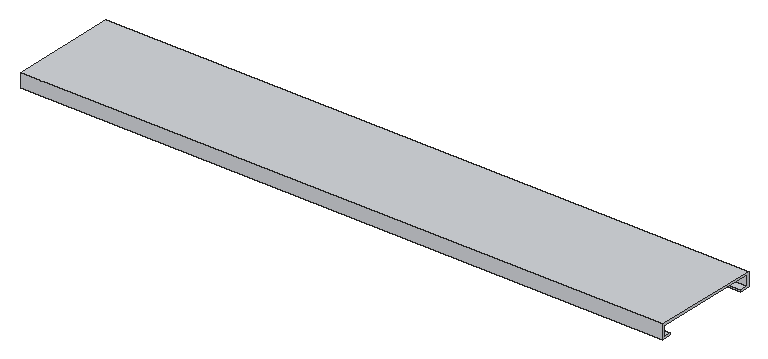
Revit family "GS Slotted Grate", category Plumbing Fixtures, Revit 2014
Parameters (values of type "GGS")
  Width = 6.00"
  Void Length = 37.00"
  URL = "www.siouxchief.com"
  Model = ".865-GGS"
  Manufacturer = "Sioux Chief Manufacturing"
  Length = 36.00"
  Description = "Galvanized Grate"
Reference planes (in)
  plane 1 "Center (Front/Back)": y = 0
  plane 2: z = 0
  plane 3 "Center (Left/Right)": x = 0
  plane 4: x = -18
  plane 5: x = 18
  plane 6: y = 3
  plane 7: y = -3
  plane 8: x = -18.5
  plane 9: x = 18.5
Forms (in)
  Extrusion 1, solid
    sketch origin (-18, 10.52407, 48) x (0, 1, 0) y (0, 0, 1)
      loop
        line (-7.52407, -48) -> (-7.52407, -47.23) -> (-13.52407, -47.23) -> (-13.52407, -48) -> (-7.52407, -48)
    from 0 to 36
  Extrusion 2, void
    sketch origin (-18, 10.52407, 48) x (0, -1, 0) y (0, 0, 1)
      loop
        line (7.62407, -47.33) -> (7.62407, -47.9) -> (8.02407, -47.9) -> (8.02407, -48) -> (13.02407, -48) -> (13.02407, -47.9) -> (13.42407, -47.9) -> (13.42407, -47.33) -> (7.62407, -47.33)
    from -36.5 to 0.5
Cuts and joins
  Extrusion 2 cuts Extrusion 1
Lines and regions (in)
  model lines
    curve 1: line (16.67215, 2.2775, 0.77) -> (16.67215, -2.2775, 0.77)
    curve 2: line (16.05215, 2.2775, 0.77) -> (16.05215, -2.2775, 0.77)
    curve 3: arc (16.05215, 2.2775, 0.77) -> (16.36215, 2.5875, 0.77) -> (16.67215, 2.2775, 0.77) r 0.31
    curve 4: arc (16.05215, -2.2775, 0.77) -> (16.36215, -2.5875, 0.77) -> (16.67215, -2.2775, 0.77) r 0.31
    curve 5: line (15.55215, 2.2775, 0.77) -> (15.55215, -2.2775, 0.77)
    curve 6: line (14.93215, 2.2775, 0.77) -> (14.93215, -2.2775, 0.77)
    curve 7: arc (14.93215, 2.2775, 0.77) -> (15.24215, 2.5875, 0.77) -> (15.55215, 2.2775, 0.77) r 0.31
    curve 8: arc (14.93215, -2.2775, 0.77) -> (15.24215, -2.5875, 0.77) -> (15.55215, -2.2775, 0.77) r 0.31
    curve 9: line (14.43215, 2.2775, 0.77) -> (14.43215, -2.2775, 0.77)
    curve 10: line (13.81215, 2.2775, 0.77) -> (13.81215, -2.2775, 0.77)
    curve 11: arc (13.81215, 2.2775, 0.77) -> (14.12215, 2.5875, 0.77) -> (14.43215, 2.2775, 0.77) r 0.31
    curve 12: arc (13.81215, -2.2775, 0.77) -> (14.12215, -2.5875, 0.77) -> (14.43215, -2.2775, 0.77) r 0.31
    curve 13: line (13.31215, 2.2775, 0.77) -> (13.31215, -2.2775, 0.77)
    curve 14: line (12.69215, 2.2775, 0.77) -> (12.69215, -2.2775, 0.77)
    curve 15: arc (12.69215, 2.2775, 0.77) -> (13.00215, 2.5875, 0.77) -> (13.31215, 2.2775, 0.77) r 0.31
    curve 16: arc (12.69215, -2.2775, 0.77) -> (13.00215, -2.5875, 0.77) -> (13.31215, -2.2775, 0.77) r 0.31
    curve 17: line (11.37215, 2.2775, 0.77) -> (11.37215, -2.2775, 0.77)
    curve 18: line (10.75215, 2.2775, 0.77) -> (10.75215, -2.2775, 0.77)
    curve 19: arc (10.75215, 2.2775, 0.77) -> (11.06215, 2.5875, 0.77) -> (11.37215, 2.2775, 0.77) r 0.31
    curve 20: arc (10.75215, -2.2775, 0.77) -> (11.06215, -2.5875, 0.77) -> (11.37215, -2.2775, 0.77) r 0.31
    curve 21: line (10.25215, 2.2775, 0.77) -> (10.25215, -2.2775, 0.77)
    curve 22: line (9.63215, 2.2775, 0.77) -> (9.63215, -2.2775, 0.77)
    curve 23: arc (9.63215, 2.2775, 0.77) -> (9.94215, 2.5875, 0.77) -> (10.25215, 2.2775, 0.77) r 0.31
    curve 24: arc (9.63215, -2.2775, 0.77) -> (9.94215, -2.5875, 0.77) -> (10.25215, -2.2775, 0.77) r 0.31
    curve 25: line (9.13215, 2.2775, 0.77) -> (9.13215, -2.2775, 0.77)
    curve 26: line (8.51215, 2.2775, 0.77) -> (8.51215, -2.2775, 0.77)
    curve 27: arc (8.51215, 2.2775, 0.77) -> (8.82215, 2.5875, 0.77) -> (9.13215, 2.2775, 0.77) r 0.31
    curve 28: arc (8.51215, -2.2775, 0.77) -> (8.82215, -2.5875, 0.77) -> (9.13215, -2.2775, 0.77) r 0.31
    curve 29: line (8.01215, 2.2775, 0.77) -> (8.01215, -2.2775, 0.77)
    curve 30: line (7.39215, 2.2775, 0.77) -> (7.39215, -2.2775, 0.77)
    curve 31: arc (7.39215, 2.2775, 0.77) -> (7.70215, 2.5875, 0.77) -> (8.01215, 2.2775, 0.77) r 0.31
    curve 32: arc (7.39215, -2.2775, 0.77) -> (7.70215, -2.5875, 0.77) -> (8.01215, -2.2775, 0.77) r 0.31
    curve 33: line (6.89215, 2.2775, 0.77) -> (6.89215, -2.2775, 0.77)
    curve 34: line (6.27215, 2.2775, 0.77) -> (6.27215, -2.2775, 0.77)
    curve 35: arc (6.27215, 2.2775, 0.77) -> (6.58215, 2.5875, 0.77) -> (6.89215, 2.2775, 0.77) r 0.31
    curve 36: arc (6.27215, -2.2775, 0.77) -> (6.58215, -2.5875, 0.77) -> (6.89215, -2.2775, 0.77) r 0.31
    curve 37: line (5.77215, 2.2775, 0.77) -> (5.77215, -2.2775, 0.77)
    curve 38: line (5.15215, 2.2775, 0.77) -> (5.15215, -2.2775, 0.77)
    curve 39: arc (5.15215, 2.2775, 0.77) -> (5.46215, 2.5875, 0.77) -> (5.77215, 2.2775, 0.77) r 0.31
    curve 40: arc (5.15215, -2.2775, 0.77) -> (5.46215, -2.5875, 0.77) -> (5.77215, -2.2775, 0.77) r 0.31
    curve 41: line (4.65215, 2.2775, 0.77) -> (4.65215, -2.2775, 0.77)
    curve 42: line (4.03215, 2.2775, 0.77) -> (4.03215, -2.2775, 0.77)
    curve 43: arc (4.03215, 2.2775, 0.77) -> (4.34215, 2.5875, 0.77) -> (4.65215, 2.2775, 0.77) r 0.31
    curve 44: arc (4.03215, -2.2775, 0.77) -> (4.34215, -2.5875, 0.77) -> (4.65215, -2.2775, 0.77) r 0.31
    curve 45: line (3.53215, 2.2775, 0.77) -> (3.53215, -2.2775, 0.77)
    curve 46: line (2.91215, 2.2775, 0.77) -> (2.91215, -2.2775, 0.77)
    curve 47: arc (2.91215, 2.2775, 0.77) -> (3.22215, 2.5875, 0.77) -> (3.53215, 2.2775, 0.77) r 0.31
    curve 48: arc (2.91215, -2.2775, 0.77) -> (3.22215, -2.5875, 0.77) -> (3.53215, -2.2775, 0.77) r 0.31
    curve 49: line (2.41215, 2.2775, 0.77) -> (2.41215, -2.2775, 0.77)
    curve 50: line (1.79215, 2.2775, 0.77) -> (1.79215, -2.2775, 0.77)
    curve 51: arc (1.79215, 2.2775, 0.77) -> (2.10215, 2.5875, 0.77) -> (2.41215, 2.2775, 0.77) r 0.31
    curve 52: arc (1.79215, -2.2775, 0.77) -> (2.10215, -2.5875, 0.77) -> (2.41215, -2.2775, 0.77) r 0.31
    curve 53: line (1.29215, 2.2775, 0.77) -> (1.29215, -2.2775, 0.77)
    curve 54: line (0.67215, 2.2775, 0.77) -> (0.67215, -2.2775, 0.77)
    curve 55: arc (0.67215, 2.2775, 0.77) -> (0.98215, 2.5875, 0.77) -> (1.29215, 2.2775, 0.77) r 0.31
    curve 56: arc (0.67215, -2.2775, 0.77) -> (0.98215, -2.5875, 0.77) -> (1.29215, -2.2775, 0.77) r 0.31
    curve 57: line (-16.67215, 2.2775, 0.77) -> (-16.67215, -2.2775, 0.77)
    curve 58: line (-16.05215, 2.2775, 0.77) -> (-16.05215, -2.2775, 0.77)
    curve 59: arc (-16.05215, 2.2775, 0.77) -> (-16.36215, 2.5875, 0.77) -> (-16.67215, 2.2775, 0.77) r 0.31
    curve 60: arc (-16.05215, -2.2775, 0.77) -> (-16.36215, -2.5875, 0.77) -> (-16.67215, -2.2775, 0.77) r 0.31
    curve 61: line (-15.55215, 2.2775, 0.77) -> (-15.55215, -2.2775, 0.77)
    curve 62: line (-14.93215, 2.2775, 0.77) -> (-14.93215, -2.2775, 0.77)
    curve 63: arc (-14.93215, 2.2775, 0.77) -> (-15.24215, 2.5875, 0.77) -> (-15.55215, 2.2775, 0.77) r 0.31
    curve 64: arc (-14.93215, -2.2775, 0.77) -> (-15.24215, -2.5875, 0.77) -> (-15.55215, -2.2775, 0.77) r 0.31
    curve 65: line (-14.43215, 2.2775, 0.77) -> (-14.43215, -2.2775, 0.77)
    curve 66: line (-13.81215, 2.2775, 0.77) -> (-13.81215, -2.2775, 0.77)
    curve 67: arc (-13.81215, 2.2775, 0.77) -> (-14.12215, 2.5875, 0.77) -> (-14.43215, 2.2775, 0.77) r 0.31
    curve 68: arc (-13.81215, -2.2775, 0.77) -> (-14.12215, -2.5875, 0.77) -> (-14.43215, -2.2775, 0.77) r 0.31
    curve 69: line (-13.31215, 2.2775, 0.77) -> (-13.31215, -2.2775, 0.77)
    curve 70: line (-12.69215, 2.2775, 0.77) -> (-12.69215, -2.2775, 0.77)
    curve 71: arc (-12.69215, 2.2775, 0.77) -> (-13.00215, 2.5875, 0.77) -> (-13.31215, 2.2775, 0.77) r 0.31
    curve 72: arc (-12.69215, -2.2775, 0.77) -> (-13.00215, -2.5875, 0.77) -> (-13.31215, -2.2775, 0.77) r 0.31
    curve 73: line (-11.37215, 2.2775, 0.77) -> (-11.37215, -2.2775, 0.77)
    curve 74: line (-10.75215, 2.2775, 0.77) -> (-10.75215, -2.2775, 0.77)
    curve 75: arc (-10.75215, 2.2775, 0.77) -> (-11.06215, 2.5875, 0.77) -> (-11.37215, 2.2775, 0.77) r 0.31
    curve 76: arc (-10.75215, -2.2775, 0.77) -> (-11.06215, -2.5875, 0.77) -> (-11.37215, -2.2775, 0.77) r 0.31
    curve 77: line (-10.25215, 2.2775, 0.77) -> (-10.25215, -2.2775, 0.77)
    curve 78: line (-9.63215, 2.2775, 0.77) -> (-9.63215, -2.2775, 0.77)
    curve 79: arc (-9.63215, 2.2775, 0.77) -> (-9.94215, 2.5875, 0.77) -> (-10.25215, 2.2775, 0.77) r 0.31
    curve 80: arc (-9.63215, -2.2775, 0.77) -> (-9.94215, -2.5875, 0.77) -> (-10.25215, -2.2775, 0.77) r 0.31
    curve 81: line (-9.13215, 2.2775, 0.77) -> (-9.13215, -2.2775, 0.77)
    curve 82: line (-8.51215, 2.2775, 0.77) -> (-8.51215, -2.2775, 0.77)
    curve 83: arc (-8.51215, 2.2775, 0.77) -> (-8.82215, 2.5875, 0.77) -> (-9.13215, 2.2775, 0.77) r 0.31
    curve 84: arc (-8.51215, -2.2775, 0.77) -> (-8.82215, -2.5875, 0.77) -> (-9.13215, -2.2775, 0.77) r 0.31
    curve 85: line (-8.01215, 2.2775, 0.77) -> (-8.01215, -2.2775, 0.77)
    curve 86: line (-7.39215, 2.2775, 0.77) -> (-7.39215, -2.2775, 0.77)
    curve 87: arc (-7.39215, 2.2775, 0.77) -> (-7.70215, 2.5875, 0.77) -> (-8.01215, 2.2775, 0.77) r 0.31
    curve 88: arc (-7.39215, -2.2775, 0.77) -> (-7.70215, -2.5875, 0.77) -> (-8.01215, -2.2775, 0.77) r 0.31
    curve 89: line (-6.89215, 2.2775, 0.77) -> (-6.89215, -2.2775, 0.77)
    curve 90: line (-6.27215, 2.2775, 0.77) -> (-6.27215, -2.2775, 0.77)
    curve 91: arc (-6.27215, 2.2775, 0.77) -> (-6.58215, 2.5875, 0.77) -> (-6.89215, 2.2775, 0.77) r 0.31
    curve 92: arc (-6.27215, -2.2775, 0.77) -> (-6.58215, -2.5875, 0.77) -> (-6.89215, -2.2775, 0.77) r 0.31
    curve 93: line (-5.77215, 2.2775, 0.77) -> (-5.77215, -2.2775, 0.77)
    curve 94: line (-5.15215, 2.2775, 0.77) -> (-5.15215, -2.2775, 0.77)
    curve 95: arc (-5.15215, 2.2775, 0.77) -> (-5.46215, 2.5875, 0.77) -> (-5.77215, 2.2775, 0.77) r 0.31
    curve 96: arc (-5.15215, -2.2775, 0.77) -> (-5.46215, -2.5875, 0.77) -> (-5.77215, -2.2775, 0.77) r 0.31
    curve 97: line (-4.65215, 2.2775, 0.77) -> (-4.65215, -2.2775, 0.77)
    curve 98: line (-4.03215, 2.2775, 0.77) -> (-4.03215, -2.2775, 0.77)
    curve 99: arc (-4.03215, 2.2775, 0.77) -> (-4.34215, 2.5875, 0.77) -> (-4.65215, 2.2775, 0.77) r 0.31
    curve 100: arc (-4.03215, -2.2775, 0.77) -> (-4.34215, -2.5875, 0.77) -> (-4.65215, -2.2775, 0.77) r 0.31
    curve 101: line (-3.53215, 2.2775, 0.77) -> (-3.53215, -2.2775, 0.77)
    curve 102: line (-2.91215, 2.2775, 0.77) -> (-2.91215, -2.2775, 0.77)
    curve 103: arc (-2.91215, 2.2775, 0.77) -> (-3.22215, 2.5875, 0.77) -> (-3.53215, 2.2775, 0.77) r 0.31
    curve 104: arc (-2.91215, -2.2775, 0.77) -> (-3.22215, -2.5875, 0.77) -> (-3.53215, -2.2775, 0.77) r 0.31
    curve 105: line (-2.41215, 2.2775, 0.77) -> (-2.41215, -2.2775, 0.77)
    curve 106: line (-1.79215, 2.2775, 0.77) -> (-1.79215, -2.2775, 0.77)
    curve 107: arc (-1.79215, 2.2775, 0.77) -> (-2.10215, 2.5875, 0.77) -> (-2.41215, 2.2775, 0.77) r 0.31
    curve 108: arc (-1.79215, -2.2775, 0.77) -> (-2.10215, -2.5875, 0.77) -> (-2.41215, -2.2775, 0.77) r 0.31
    curve 109: line (-1.29215, 2.2775, 0.77) -> (-1.29215, -2.2775, 0.77)
    curve 110: line (-0.67215, 2.2775, 0.77) -> (-0.67215, -2.2775, 0.77)
    curve 111: arc (-0.67215, 2.2775, 0.77) -> (-0.98215, 2.5875, 0.77) -> (-1.29215, 2.2775, 0.77) r 0.31
    curve 112: arc (-0.67215, -2.2775, 0.77) -> (-0.98215, -2.5875, 0.77) -> (-1.29215, -2.2775, 0.77) r 0.31
    curve 113: circle (-15.80215, 2.625, 0.77) r 0.1 normal (0, 0, 1)
    curve 114: circle (-15.80215, -2.625, 0.77) r 0.1 normal (0, 0, -1)
    curve 115: circle (-14.68215, 2.625, 0.77) r 0.1 normal (0, 0, 1)
    curve 116: circle (-14.68215, -2.625, 0.77) r 0.1 normal (0, 0, -1)
    curve 117: circle (-13.56215, 2.625, 0.77) r 0.1 normal (0, 0, 1)
    curve 118: circle (-13.56215, -2.625, 0.77) r 0.1 normal (0, 0, -1)
    curve 119: circle (-10.50215, 2.625, 0.77) r 0.1 normal (0, 0, 1)
    curve 120: circle (-10.50215, -2.625, 0.77) r 0.1 normal (0, 0, -1)
    curve 121: circle (-9.38215, 2.625, 0.77) r 0.1 normal (0, 0, 1)
    curve 122: circle (-9.38215, -2.625, 0.77) r 0.1 normal (0, 0, -1)
    curve 123: circle (-8.26215, 2.625, 0.77) r 0.1 normal (0, 0, 1)
    curve 124: circle (-8.26215, -2.625, 0.77) r 0.1 normal (0, 0, -1)
    curve 125: circle (-7.14215, 2.625, 0.77) r 0.1 normal (0, 0, 1)
    curve 126: circle (-7.14215, -2.625, 0.77) r 0.1 normal (0, 0, -1)
    curve 127: circle (-6.02215, 2.625, 0.77) r 0.1 normal (0, 0, 1)
    curve 128: circle (-6.02215, -2.625, 0.77) r 0.1 normal (0, 0, -1)
    curve 129: circle (-4.90215, 2.625, 0.77) r 0.1 normal (0, 0, 1)
    curve 130: circle (-4.90215, -2.625, 0.77) r 0.1 normal (0, 0, -1)
    curve 131: circle (-3.78215, 2.625, 0.77) r 0.1 normal (0, 0, 1)
    curve 132: circle (-3.78215, -2.625, 0.77) r 0.1 normal (0, 0, -1)
    curve 133: circle (-2.66215, 2.625, 0.77) r 0.1 normal (0, 0, 1)
    curve 134: circle (-2.66215, -2.625, 0.77) r 0.1 normal (0, 0, -1)
    curve 135: circle (-1.54215, 2.625, 0.77) r 0.1 normal (0, 0, 1)
    curve 136: circle (-1.54215, -2.625, 0.77) r 0.1 normal (0, 0, -1)
    curve 137: circle (1.54215, 2.625, 0.77) r 0.1 normal (0, 0, 1)
    curve 138: circle (1.54215, -2.625, 0.77) r 0.1 normal (0, 0, -1)
    curve 139: circle (2.66215, 2.625, 0.77) r 0.1 normal (0, 0, 1)
    curve 140: circle (2.66215, -2.625, 0.77) r 0.1 normal (0, 0, -1)
    curve 141: circle (3.78215, 2.625, 0.77) r 0.1 normal (0, 0, 1)
    curve 142: circle (3.78215, -2.625, 0.77) r 0.1 normal (0, 0, -1)
    curve 143: circle (4.90215, 2.625, 0.77) r 0.1 normal (0, 0, 1)
    curve 144: circle (4.90215, -2.625, 0.77) r 0.1 normal (0, 0, -1)
    curve 145: circle (6.02215, 2.625, 0.77) r 0.1 normal (0, 0, 1)
    curve 146: circle (6.02215, -2.625, 0.77) r 0.1 normal (0, 0, -1)
    curve 147: circle (7.14215, 2.625, 0.77) r 0.1 normal (0, 0, 1)
    curve 148: circle (7.14215, -2.625, 0.77) r 0.1 normal (0, 0, -1)
    curve 149: circle (8.26215, 2.625, 0.77) r 0.1 normal (0, 0, 1)
    curve 150: circle (8.26215, -2.625, 0.77) r 0.1 normal (0, 0, -1)
    curve 151: circle (9.38215, 2.625, 0.77) r 0.1 normal (0, 0, 1)
    curve 152: circle (9.38215, -2.625, 0.77) r 0.1 normal (0, 0, -1)
    curve 153: circle (10.50215, 2.625, 0.77) r 0.1 normal (0, 0, 1)
    curve 154: circle (10.50215, -2.625, 0.77) r 0.1 normal (0, 0, -1)
    curve 155: circle (13.56215, 2.625, 0.77) r 0.1 normal (0, 0, 1)
    curve 156: circle (13.56215, -2.625, 0.77) r 0.1 normal (0, 0, -1)
    curve 157: circle (14.68215, 2.625, 0.77) r 0.1 normal (0, 0, 1)
    curve 158: circle (14.68215, -2.625, 0.77) r 0.1 normal (0, 0, -1)
    curve 159: circle (15.80215, 2.625, 0.77) r 0.1 normal (0, 0, 1)
    curve 160: circle (15.80215, -2.625, 0.77) r 0.1 normal (0, 0, -1)
    curve 161: circle (-12.03215, 2.625, 0.77) r 0.1 normal (0, 0, 1)
    curve 162: circle (-12.03215, -2.625, 0.77) r 0.1 normal (0, 0, -1)
    curve 163: circle (-0.01215, 2.625, 0.77) r 0.1 normal (0, 0, 1)
    curve 164: circle (-0.01215, -2.625, 0.77) r 0.1 normal (0, 0, -1)
    curve 165: circle (12.03215, 2.625, 0.77) r 0.1 normal (0, 0, 1)
    curve 166: circle (12.03215, -2.625, 0.77) r 0.1 normal (0, 0, -1)
    curve 167: circle (17.33215, 2.625, 0.77) r 0.1 normal (0, 0, 1)
    curve 168: circle (17.33215, -2.625, 0.77) r 0.1 normal (0, 0, -1)
    curve 169: circle (-15.80215, 0, 0.77) r 0.1 normal (0, 0, -1)
    curve 170: circle (-14.68215, 0, 0.77) r 0.1 normal (0, 0, -1)
    curve 171: circle (-13.56215, 0, 0.77) r 0.1 normal (0, 0, -1)
    curve 172: circle (-10.50215, 0, 0.77) r 0.1 normal (0, 0, -1)
    curve 173: circle (-9.38215, 0, 0.77) r 0.1 normal (0, 0, -1)
    curve 174: circle (-8.26215, 0, 0.77) r 0.1 normal (0, 0, -1)
    curve 175: circle (-7.14215, 0, 0.77) r 0.1 normal (0, 0, -1)
    curve 176: circle (-6.02215, 0, 0.77) r 0.1 normal (0, 0, -1)
    curve 177: circle (-4.90215, 0, 0.77) r 0.1 normal (0, 0, -1)
    curve 178: circle (-3.78215, 0, 0.77) r 0.1 normal (0, 0, -1)
    curve 179: circle (-2.66215, 0, 0.77) r 0.1 normal (0, 0, -1)
    curve 180: circle (-1.54215, 0, 0.77) r 0.1 normal (0, 0, -1)
    curve 181: circle (1.54215, 0, 0.77) r 0.1 normal (0, 0, -1)
    curve 182: circle (2.66215, 0, 0.77) r 0.1 normal (0, 0, -1)
    curve 183: circle (3.78215, 0, 0.77) r 0.1 normal (0, 0, -1)
    curve 184: circle (4.90215, 0, 0.77) r 0.1 normal (0, 0, -1)
    curve 185: circle (6.02215, 0, 0.77) r 0.1 normal (0, 0, -1)
    curve 186: circle (7.14215, 0, 0.77) r 0.1 normal (0, 0, -1)
    curve 187: circle (8.26215, 0, 0.77) r 0.1 normal (0, 0, -1)
    curve 188: circle (9.38215, 0, 0.77) r 0.1 normal (0, 0, -1)
    curve 189: circle (10.50215, 0, 0.77) r 0.1 normal (0, 0, -1)
    curve 190: circle (13.56215, 0, 0.77) r 0.1 normal (0, 0, -1)
    curve 191: circle (14.68215, 0, 0.77) r 0.1 normal (0, 0, -1)
    curve 192: circle (15.80215, 0, 0.77) r 0.1 normal (0, 0, -1)
    curve 193: circle (-12.03215, 0, 0.77) r 0.3 normal (0, 0, -1)
    curve 194: circle (-0.01215, 0, 0.77) r 0.3 normal (0, 0, -1)
    curve 195: circle (12.03215, 0, 0.77) r 0.3 normal (0, 0, -1)
    curve 196: circle (17.33215, 0, 0.77) r 0.1 normal (0, 0, -1)
Dimensions and locks (in)
  equal spacing: plane 4, plane 3 "Center (Left/Right)", plane 5
  "Length": plane 4 to plane 5
  equal spacing: plane 6, plane 1 "Center (Front/Back)", plane 7
  "Width": plane 6 to plane 7
  "Void Length": plane 8 to plane 9
  locked: plane 8 to plane 3 "Center (Left/Right)" at 18.5
  aligned and locked: plane 2 to level
  aligned and locked: Extrusion 1 to plane 4
  aligned and locked: Extrusion 1 to plane 5
  aligned and locked: plane 9 to Extrusion 2
  aligned and locked: Extrusion 2 to plane 8
Automatic sketch dimensions
  curve 139 to Extrusion 1 = 0.375"
  curve 167 to Extrusion 1 = 0.375"
  curve 115 to Extrusion 1 = 0.375"
  curve 165 to Extrusion 1 = 0.375"
  curve 117 to Extrusion 1 = 0.375"
  curve 119 to Extrusion 1 = 0.375"
  curve 121 to Extrusion 1 = 0.375"
  curve 163 to Extrusion 1 = 0.375"
  curve 161 to Extrusion 1 = 0.375"
  curve 159 to Extrusion 1 = 0.375"
  curve 123 to Extrusion 1 = 0.375"
  curve 157 to Extrusion 1 = 0.375"
  curve 125 to Extrusion 1 = 0.375"
  curve 155 to Extrusion 1 = 0.375"
  curve 127 to Extrusion 1 = 0.375"
  curve 129 to Extrusion 1 = 0.375"
  curve 131 to Extrusion 1 = 0.375"
  curve 153 to Extrusion 1 = 0.375"
  curve 151 to Extrusion 1 = 0.375"
  curve 149 to Extrusion 1 = 0.375"
  curve 133 to Extrusion 1 = 0.375"
  curve 147 to Extrusion 1 = 0.375"
  curve 135 to Extrusion 1 = 0.375"
  curve 145 to Extrusion 1 = 0.375"
  curve 137 to Extrusion 1 = 0.375"
  curve 113 to Extrusion 1 = 0.375"
  curve 141 to Extrusion 1 = 0.375"
  curve 143 to Extrusion 1 = 0.375"
  curve 155 to curve 13 = 0.3475"
  curve 157 to curve 11 = 0.3475"
  curve 17 to Extrusion 1 = 0.7225"
  curve 159 to curve 7 = 0.3475"
  curve 153 to curve 21 = 0.3475"
  curve 159 to curve 3 = 0.3475"
  curve 151 to curve 25 = 0.3475"
  curve 135 to curve 111 = 0.3475"
  curve 149 to curve 29 = 0.3475"
  curve 135 to curve 107 = 0.3475"
  curve 147 to curve 33 = 0.3475"
  curve 133 to curve 103 = 0.3475"
  curve 145 to curve 37 = 0.3475"
  curve 131 to curve 99 = 0.3475"
  curve 143 to curve 41 = 0.3475"
  curve 129 to curve 95 = 0.3475"
  curve 141 to curve 45 = 0.3475"
  curve 127 to curve 91 = 0.3475"
  curve 139 to curve 49 = 0.3475"
  curve 125 to curve 87 = 0.3475"
  curve 137 to curve 53 = 0.3475"
  curve 123 to curve 83 = 0.3475"
  curve 57 to Extrusion 1 = 0.7225"  (x2)
  curve 121 to curve 79 = 0.3475"
  curve 113 to curve 61 = 0.3475"
  curve 119 to curve 75 = 0.3475"
  curve 115 to curve 65 = 0.3475"
  curve 117 to curve 71 = 0.3475"
  Extrusion 1 to curve 196 = 0.66785"
  curve 1 to curve 196 = 2.2775"
  curve 62 to curve 170 = 2.2775"
  curve 170 to curve 171 = 0.00"
  curve 74 to curve 172 = 2.2775"
  curve 172 to curve 173 = 0.00"
  curve 173 to curve 174 = 0.00"
  curve 174 to curve 175 = 0.00"
  curve 175 to curve 176 = 0.00"
  curve 176 to curve 177 = 0.00"
  curve 177 to curve 178 = 0.00"
  curve 178 to curve 179 = 0.00"
  curve 179 to curve 180 = 0.00"
  curve 51 to curve 181 = 2.2775"
  curve 181 to curve 182 = 0.00"
  curve 182 to curve 183 = 0.00"
  curve 183 to curve 184 = 0.00"
  curve 184 to curve 185 = 0.00"
  curve 185 to curve 186 = 0.00"
  curve 186 to curve 187 = 0.00"
  curve 187 to curve 188 = 0.00"
  curve 188 to curve 189 = 0.00"
  curve 15 to curve 190 = 2.2775"
  curve 190 to curve 191 = 0.00"
  curve 191 to curve 192 = 0.00"
  curve 193 to curve 172 = 0.00"
  curve 180 to curve 194 = 0.00"
  curve 189 to curve 195 = 0.00"
  curve 169 to curve 170 = 0.00"
  curve 80 to Extrusion 1 = 0.7225"
  curve 56 to Extrusion 1 = 0.7225"
  curve 80 to curve 81 = 0.00"
  curve 52 to Extrusion 1 = 0.7225"
  curve 84 to curve 85 = 0.00"
  curve 48 to Extrusion 1 = 0.7225"
  curve 88 to curve 89 = 0.00"
  curve 44 to Extrusion 1 = 0.7225"
  curve 92 to curve 93 = 0.00"
  curve 40 to Extrusion 1 = 0.7225"
  curve 96 to curve 97 = 0.00"
  curve 36 to Extrusion 1 = 0.7225"
  curve 102 to Extrusion 1 = 0.7225"
  curve 32 to Extrusion 1 = 0.7225"
  curve 104 to curve 105 = 0.00"
  curve 28 to Extrusion 1 = 0.7225"
  curve 108 to curve 109 = 0.00"
  curve 24 to Extrusion 1 = 0.7225"
  curve 20 to Extrusion 1 = 0.7225"
  curve 76 to Extrusion 1 = 0.7225"
  curve 16 to Extrusion 1 = 0.7225"
  curve 60 to curve 61 = 0.00"
  curve 12 to Extrusion 1 = 0.7225"
  curve 72 to Extrusion 1 = 0.7225"
  curve 8 to Extrusion 1 = 0.7225"
  curve 64 to curve 65 = 0.00"
  curve 4 to Extrusion 1 = 0.7225"
  curve 166 to Extrusion 1 = 0.375"
  curve 164 to Extrusion 1 = 0.375"
  curve 162 to Extrusion 1 = 0.375"
  curve 160 to Extrusion 1 = 0.375"
  curve 158 to Extrusion 1 = 0.375"
  curve 156 to Extrusion 1 = 0.375"
  curve 154 to Extrusion 1 = 0.375"
  curve 152 to Extrusion 1 = 0.375"
  curve 150 to Extrusion 1 = 0.375"
  curve 148 to Extrusion 1 = 0.375"
  curve 146 to Extrusion 1 = 0.375"
  curve 144 to Extrusion 1 = 0.375"
  curve 142 to Extrusion 1 = 0.375"
  curve 140 to Extrusion 1 = 0.375"
  curve 138 to Extrusion 1 = 0.375"
  curve 136 to Extrusion 1 = 0.375"
  curve 134 to Extrusion 1 = 0.375"
  curve 132 to Extrusion 1 = 0.375"
  curve 130 to Extrusion 1 = 0.375"
  curve 128 to Extrusion 1 = 0.375"
  curve 126 to Extrusion 1 = 0.375"
  curve 124 to Extrusion 1 = 0.375"
  curve 122 to Extrusion 1 = 0.375"
  curve 120 to Extrusion 1 = 0.375"
  curve 118 to Extrusion 1 = 0.375"
  curve 116 to Extrusion 1 = 0.375"
  curve 114 to Extrusion 1 = 0.375"
  curve 168 to Extrusion 1 = 0.375"
  Extrusion 1 to curve 167 = 0.66785"
  curve 1 to curve 167 = 0.66"
  curve 4 to curve 4 = 0.31"
  curve 160 to curve 4 = 0.25"
  curve 159 to curve 3 = 0.25"
  curve 192 to curve 196 = 1.53"
  curve 5 to curve 160 = 0.25"
  curve 7 to curve 5 = 0.31"
  curve 157 to curve 7 = 0.25"
  curve 158 to curve 8 = 0.25"
  curve 191 to curve 192 = 1.12"
  curve 9 to curve 158 = 0.25"
  curve 12 to curve 12 = 0.31"
  curve 190 to curve 191 = 1.12"
  curve 156 to curve 12 = 0.25"
  curve 155 to curve 11 = 0.25"
  curve 13 to curve 156 = 0.25"
  curve 15 to curve 13 = 0.31"
  curve 195 to curve 190 = 1.53"
  curve 165 to curve 14 = 0.66"
  curve 166 to curve 16 = 0.66"
  curve 17 to curve 165 = 0.66"
  curve 19 to curve 17 = 0.31"
  curve 189 to curve 195 = 1.53"
  curve 154 to curve 20 = 0.25"
  curve 153 to curve 18 = 0.25"
  curve 21 to curve 154 = 0.25"
  curve 24 to curve 24 = 0.31"
  curve 188 to curve 189 = 1.12"
  curve 152 to curve 24 = 0.25"
  curve 151 to curve 22 = 0.25"
  curve 25 to curve 152 = 0.25"
  curve 28 to curve 28 = 0.31"
  curve 149 to curve 26 = 0.25"
  curve 187 to curve 188 = 1.12"
  curve 150 to curve 28 = 0.25"
  curve 29 to curve 149 = 0.25"
  curve 31 to curve 29 = 0.31"
  curve 147 to curve 30 = 0.25"
  curve 186 to curve 187 = 1.12"
  curve 148 to curve 32 = 0.25"
  curve 33 to curve 147 = 0.25"
  curve 36 to curve 36 = 0.31"
  curve 145 to curve 34 = 0.25"
  curve 146 to curve 36 = 0.25"
  curve 185 to curve 186 = 1.12"
  curve 37 to curve 146 = 0.25"
  curve 40 to curve 40 = 0.31"
  curve 144 to curve 40 = 0.25"
  curve 143 to curve 38 = 0.25"
  curve 184 to curve 185 = 1.12"
  curve 41 to curve 144 = 0.25"
  curve 43 to curve 41 = 0.31"
  curve 183 to curve 184 = 1.12"
  curve 141 to curve 42 = 0.25"
  curve 142 to curve 44 = 0.25"
  curve 45 to curve 142 = 0.25"
  curve 47 to curve 45 = 0.31"
  curve 182 to curve 183 = 1.12"
  curve 140 to curve 48 = 0.25"
  curve 139 to curve 46 = 0.25"
  curve 49 to curve 139 = 0.25"
  curve 51 to curve 49 = 0.31"
  curve 137 to curve 50 = 0.25"
  curve 138 to curve 52 = 0.25"
  curve 181 to curve 182 = 1.12"
  curve 53 to curve 137 = 0.25"
  curve 56 to curve 53 = 0.31"
  curve 163 to curve 54 = 0.68431"
  curve 164 to curve 56 = 0.68431"
  curve 194 to curve 181 = 1.55431"
  curve 110 to curve 164 = 0.66"
  curve 112 to curve 110 = 0.31"
  curve 180 to curve 194 = 1.53"
  curve 136 to curve 109 = 0.25"
  curve 135 to curve 111 = 0.25"
  curve 106 to curve 135 = 0.25"
  curve 108 to curve 106 = 0.31"
  curve 133 to curve 107 = 0.25"
  curve 134 to curve 105 = 0.25"
  curve 179 to curve 180 = 1.12"
  curve 102 to curve 134 = 0.25"
  curve 104 to curve 102 = 0.31"
  curve 178 to curve 179 = 1.12"
  curve 132 to curve 101 = 0.25"
  curve 131 to curve 103 = 0.25"
  curve 98 to curve 131 = 0.25"
  curve 100 to curve 98 = 0.31"
  curve 129 to curve 99 = 0.25"
  curve 130 to curve 97 = 0.25"
  curve 177 to curve 178 = 1.12"
  curve 94 to curve 129 = 0.25"
  curve 96 to curve 94 = 0.31"
  curve 127 to curve 95 = 0.25"
  curve 128 to curve 93 = 0.25"
  curve 176 to curve 177 = 1.12"
  curve 90 to curve 128 = 0.25"
  curve 91 to curve 90 = 0.31"
  curve 125 to curve 91 = 0.25"
  curve 175 to curve 176 = 1.12"
  curve 126 to curve 89 = 0.25"
  curve 86 to curve 126 = 0.25"
  curve 87 to curve 86 = 0.31"
  curve 123 to curve 87 = 0.25"
  curve 174 to curve 175 = 1.12"
  curve 124 to curve 85 = 0.25"
  curve 82 to curve 123 = 0.25"
  curve 84 to curve 82 = 0.31"
  curve 122 to curve 81 = 0.25"
  curve 173 to curve 174 = 1.12"
  curve 121 to curve 83 = 0.25"
  curve 78 to curve 121 = 0.25"
  curve 80 to curve 78 = 0.31"
  curve 120 to curve 77 = 0.25"
  curve 172 to curve 173 = 1.12"
  curve 119 to curve 79 = 0.25"
  curve 74 to curve 120 = 0.25"
  curve 76 to curve 74 = 0.31"
  curve 193 to curve 172 = 1.53"
  curve 161 to curve 73 = 0.66"
  curve 162 to curve 73 = 0.66"
  curve 70 to curve 162 = 0.66"
  curve 71 to curve 70 = 0.31"
  curve 117 to curve 71 = 0.25"
  curve 171 to curve 193 = 1.53"
  curve 118 to curve 69 = 0.25"
  curve 66 to curve 118 = 0.25"
  curve 67 to curve 66 = 0.31"
  curve 116 to curve 65 = 0.25"
  curve 170 to curve 171 = 1.12"
  curve 115 to curve 67 = 0.25"
  curve 62 to curve 115 = 0.25"
  curve 64 to curve 62 = 0.31"
  curve 114 to curve 61 = 0.25"
  curve 169 to curve 170 = 1.12"
  curve 113 to curve 63 = 0.25"
  curve 58 to curve 113 = 0.25"
  curve 60 to curve 58 = 0.31"
  Extrusion 1 to curve 168 = 0.66785"
  Extrusion 1 sketch curve to level = 0.00"
  Extrusion 1 sketch curve to plane 7 = 0.00"
  Extrusion 1 sketch curve to plane 6 = 0.00"
  Extrusion 1 sketch curve to Extrusion 1 sketch curve = 0.77"
  Extrusion 2 sketch curve to level = 0.00"
  Extrusion 2 sketch curve to plane 6 = 0.10"
  level to Extrusion 2 sketch curve = 0.10"  (x2)
  Extrusion 2 sketch curve to Extrusion 2 sketch curve = 0.40"
  Extrusion 2 sketch curve to plane 7 = 0.50"
  Extrusion 2 sketch curve to plane 7 = 0.10"
  Extrusion 2 sketch curve to Extrusion 2 sketch curve = 0.57"
  radius of curve 113 = 0.10"
  radius of curve 114 = 0.10"
  radius of curve 115 = 0.10"
  radius of curve 116 = 0.10"
  radius of curve 117 = 0.10"
  radius of curve 118 = 0.10"
  radius of curve 119 = 0.10"
  radius of curve 120 = 0.10"
  radius of curve 121 = 0.10"
  radius of curve 122 = 0.10"
  radius of curve 123 = 0.10"
  radius of curve 124 = 0.10"
  radius of curve 125 = 0.10"
  radius of curve 126 = 0.10"
  radius of curve 127 = 0.10"
  radius of curve 128 = 0.10"
  radius of curve 129 = 0.10"
  radius of curve 130 = 0.10"
  radius of curve 131 = 0.10"
  radius of curve 132 = 0.10"
  radius of curve 133 = 0.10"
  radius of curve 134 = 0.10"
  radius of curve 135 = 0.10"
  radius of curve 136 = 0.10"
  radius of curve 137 = 0.10"
  radius of curve 138 = 0.10"
  radius of curve 139 = 0.10"
  radius of curve 140 = 0.10"
  radius of curve 141 = 0.10"
  radius of curve 142 = 0.10"
  radius of curve 143 = 0.10"
  radius of curve 144 = 0.10"
  radius of curve 145 = 0.10"
  radius of curve 146 = 0.10"
  radius of curve 147 = 0.10"
  radius of curve 148 = 0.10"
  radius of curve 149 = 0.10"
  radius of curve 150 = 0.10"
  radius of curve 151 = 0.10"
  radius of curve 152 = 0.10"
  radius of curve 153 = 0.10"
  radius of curve 154 = 0.10"
  radius of curve 155 = 0.10"
  radius of curve 156 = 0.10"
  radius of curve 157 = 0.10"
  radius of curve 158 = 0.10"
  radius of curve 159 = 0.10"
  radius of curve 160 = 0.10"
  radius of curve 161 = 0.10"
  radius of curve 162 = 0.10"
  radius of curve 163 = 0.10"
  radius of curve 164 = 0.10"
  radius of curve 165 = 0.10"
  radius of curve 166 = 0.10"
  radius of curve 167 = 0.10"
  radius of curve 168 = 0.10"
  radius of curve 169 = 0.10"
  radius of curve 170 = 0.10"
  radius of curve 171 = 0.10"
  radius of curve 172 = 0.10"
  radius of curve 173 = 0.10"
  radius of curve 174 = 0.10"
  radius of curve 175 = 0.10"
  radius of curve 176 = 0.10"
  radius of curve 177 = 0.10"
  radius of curve 178 = 0.10"
  radius of curve 179 = 0.10"
  radius of curve 180 = 0.10"
  radius of curve 181 = 0.10"
  radius of curve 182 = 0.10"
  radius of curve 183 = 0.10"
  radius of curve 184 = 0.10"
  radius of curve 185 = 0.10"
  radius of curve 186 = 0.10"
  radius of curve 187 = 0.10"
  radius of curve 188 = 0.10"
  radius of curve 189 = 0.10"
  radius of curve 190 = 0.10"
  radius of curve 191 = 0.10"
  radius of curve 192 = 0.10"
  radius of curve 194 = 0.30"
  radius of curve 195 = 0.30"
  radius of curve 196 = 0.10"
  radius of curve 193 = 0.30"
